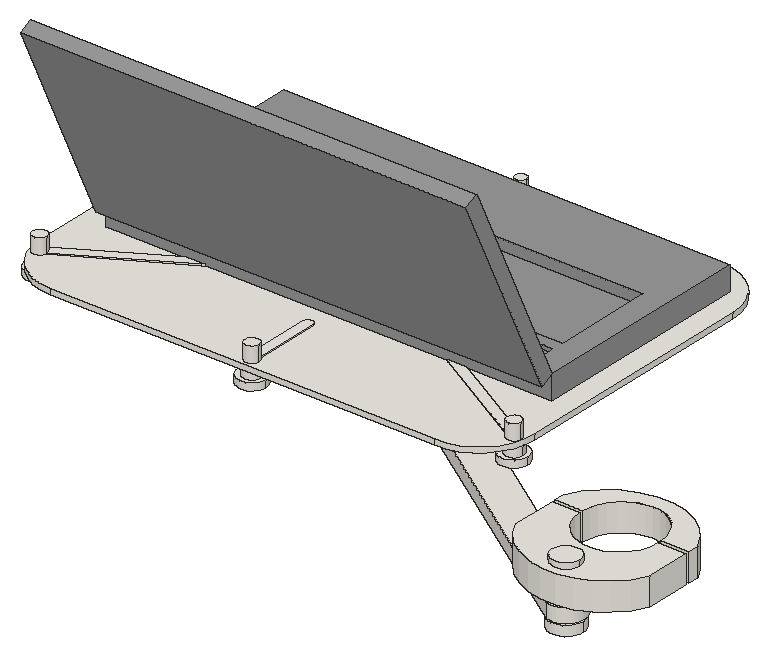
Revit family "Midmark - Laptop and Tray for Mobile X-Ray", category Specialty Equipment, Revit 2017
Family settings
  Round Connector Dimension = Use Diameter
  Part Type = Normal
  Work Plane-Based = No
  Always vertical = Yes
  Cut with Voids When Loaded = No
  Shared = No
  Room Calculation Point = No
Parameters (values of type "Laptop and Tray")
  Type Comments = "Laptop with Tray for Mobile X-Ray"
  Tray Width = 1' - 5 3/4"
  Tray Legth = 1' - 0 7/8"
  Tray Height = 0' - 0.19"
  Model = "ASAM-GT & 30-08180"
  Tray Material = Midmark - White
  Manufacturer = "Midmark"
  Laptop [instance] = yes
  Keynote = ""
  Height = 2' - 7"
  Frame Material = Midmark - White
  Extended Arm = yes
  Description = ""
  Allowance = ""
Reference planes (in)
  plane 1 "Center (Front/Back)": y = 0
  plane 2: z = 0
  plane 3 "Center (Left/Right)": x = 0
  plane 4: z = 2
  plane 5: z = 5
  plane 6: z = 30.81
  plane 7: z = 31
  plane 8: x = -8.875
  plane 9: y = 6.4375
  plane 10: x = 8.875
  plane 11: y = -6.4375
Forms (in)
  Extrusion 1, solid, material "Midmark - White" <- "Tray Material"
    sketch origin (0, 0, 0) x (1, 0, 0) y (0, 1, 0)
      loop
        arc (-6.875, 6.4375) -> (-8.28921, 5.85171) -> (-8.875, 4.4375) r 2
        line (-8.875, 4.4375) -> (-8.875, -4.4375)
        arc (-8.875, -4.4375) -> (-8.28921, -5.85171) -> (-6.875, -6.4375) r 2
        line (-6.875, -6.4375) -> (6.875, -6.4375)
        arc (6.875, -6.4375) -> (8.28921, -5.85171) -> (8.875, -4.4375) r 2
        line (8.875, -4.4375) -> (8.875, 4.4375)
        arc (8.875, 4.4375) -> (8.28921, 5.85171) -> (6.875, 6.4375) r 2
        line (6.875, 6.4375) -> (-6.875, 6.4375)
      loop
        arc (-8.375, -4.4375) -> (-7.93566, -5.49816) -> (-6.875, -5.9375) r 1.5
        line (-6.875, -5.9375) -> (6.875, -5.9375)
        arc (6.875, -5.9375) -> (7.93566, -5.49816) -> (8.375, -4.4375) r 1.5
        line (8.375, -4.4375) -> (8.375, 4.4375)
        arc (8.375, 4.4375) -> (7.93566, 5.49816) -> (6.875, 5.9375) r 1.5
        line (6.875, 5.9375) -> (-6.875, 5.9375)
        arc (-6.875, 5.9375) -> (-7.93566, 5.49816) -> (-8.375, 4.4375) r 1.5
        line (-8.375, 4.4375) -> (-8.375, -4.4375)
    from 30.81 to 31
  Extrusion 2, solid, material "Midmark - White" <- "Tray Material"
    sketch origin (0, 0, 0) x (1, 0, 0) y (0, 1, 0)
      loop
        arc (-6.875, 5.9375) -> (-7.93566, 5.49816) -> (-8.375, 4.4375) r 1.5
        line (-8.375, 4.4375) -> (-8.375, -4.4375)
        arc (-8.375, -4.4375) -> (-7.93566, -5.49816) -> (-6.875, -5.9375) r 1.5
        line (-6.875, -5.9375) -> (6.875, -5.9375)
        arc (6.875, -5.9375) -> (7.93566, -5.49816) -> (8.375, -4.4375) r 1.5
        line (8.375, -4.4375) -> (8.375, 4.4375)
        arc (8.375, 4.4375) -> (7.93566, 5.49816) -> (6.875, 5.9375) r 1.5
        line (6.875, 5.9375) -> (-6.875, 5.9375)
    from 30.81 to 31
  Extrusion 3, solid, material "Midmark - White" <- "Tray Material"
    sketch origin (0, 0, 0) x (1, 0, 0) y (0, 1, 0)
      loop
        circle (8.50168, -4.9083) r 0.25
      loop
        circle (0.001, 6.03055) r 0.19844
      loop
        circle (0.0026, -6.0293) r 0.25
      loop
        circle (-8.50392, -4.9095) r 0.25
    from 31 to 31.531
  Extrusion 4, solid, material "Midmark - White" <- "Tray Material"
    sketch origin (0, 0, 0) x (1, 0, 0) y (0, 1, 0)
      loop
        circle (0.00233, -6.02929) r 0.5
      loop
        circle (-8.50159, -4.91327) r 0.5
      loop
        circle (0.00808, 6.03385) r 0.5
      loop
        circle (8.49207, -4.90318) r 0.5
    from 30.25 to 30.5
  Extrusion 5, solid, material "Midmark - White" <- "Tray Material"
    sketch origin (0, 0, 0) x (1, 0, 0) y (0, 1, 0)
      loop
        circle (0.00138, -6.0308) r 0.31378
      loop
        circle (-8.50323, -4.90523) r 0.31378
      loop
        circle (-0.00294, 6.03525) r 0.31378
      loop
        circle (8.50879, -4.91049) r 0.31378
    from 30.5 to 30.81
  Extrusion 6, solid, material "Midmark - White" <- "Tray Material"
    sketch origin (0, 0, 0) x (1, 0, 0) y (0, 1, 0)
      loop
        line (-8.26048, -4.96766) -> (-4.41406, -2.74692)
        arc (-4.41406, -2.74692) -> (-4.35115, -2.51214) -> (-4.58594, -2.44923) r 0.17187
        line (-4.58594, -2.44923) -> (-8.43236, -4.66996)
        arc (-8.43236, -4.66996) -> (-8.28563, -4.78371) -> (-8.26048, -4.96766) r 0.24551
    from 31 to 31.04459
  Extrusion 7, solid, material "Midmark - White" <- "Tray Material"
    sketch origin (0, 0, 0) x (-1, 0, 0) y (0, -1, 0)
      loop
        arc (-8.26048, 4.96766) -> (-8.28563, 4.78371) -> (-8.43236, 4.66996) r 0.24551
        line (-8.43236, 4.66996) -> (-4.58594, 2.44923)
        arc (-4.58594, 2.44923) -> (-4.35115, 2.51214) -> (-4.41406, 2.74692) r 0.17187
        line (-4.41406, 2.74692) -> (-8.26048, 4.96766)
    from 31 to 31.04459
  Extrusion 8, solid, material "Midmark - White" <- "Tray Material"
    sketch origin (0, 0, 0) x (1, 0, 0) y (0, 1, 0)
      loop
        line (0.17188, -5.85025) -> (0.17188, -3.53125)
        arc (0.17188, -3.53125) -> (0, -3.35938) -> (-0.17187, -3.53125) r 0.17188
        line (-0.17187, -3.53125) -> (-0.17187, -5.85025)
        arc (-0.17187, -5.85025) -> (0, -5.77801) -> (0.17188, -5.85025) r 0.24059
    from 31 to 31.04297
  Extrusion 9, solid, material "Midmark - White" <- "Tray Material"
    sketch origin (0, 0, 0) x (1, 0, 0) y (0, 1, 0)
      loop
        arc (0.17188, 5.85025) -> (0, 5.77801) -> (-0.17187, 5.85025) r 0.24059
        line (-0.17187, 5.85025) -> (-0.17187, 3.53125)
        arc (-0.17187, 3.53125) -> (0, 3.35938) -> (0.17188, 3.53125) r 0.17188
        line (0.17188, 3.53125) -> (0.17188, 5.85025)
    from 31 to 31.04297
  Extrusion 10, void
    sketch origin (0, 0, 0) x (1, 0, 0) y (0, 1, 0)
      loop
        circle (0, 0.5933) r 0.2015
      loop
        circle (0, -0.59432) r 0.2015
      loop
        circle (-0.59453, 0.00004) r 0.2015
      loop
        circle (0.59623, 0.00319) r 0.2015
    from 30.95979 to 31
  Extrusion 11, solid, material "Midmark - White" <- "Frame Material"
    sketch origin (0, 0, 0) x (1, 0, 0) y (0, 1, 0)
      loop
        line (-0.3048, 0.75586) -> (-0.75697, 0.30369)
        arc (-0.75697, 0.30369) -> (-0.57654, -0.57654) -> (0.30369, -0.75697) r 0.81579
        line (0.30369, -0.75697) -> (0.75586, -0.3048)
        arc (0.75586, -0.3048) -> (0.57595, 0.57595) -> (-0.3048, 0.75586) r 0.81531
    from 30.228 to 30.81
  Extrusion 12, solid, material "Midmark - White" <- "Frame Material"
    sketch origin (0, 0, 0) x (1, 0, 0) y (0, 1, 0)
      loop
        circle (0.00289, -0.0007) r 0.61308
    from 29.3138 to 29.5459
  Extrusion 13, solid, material "Midmark - White" <- "Frame Material"
    sketch origin (-0.00121, 0.00378, 0) x (1, 0, 0) y (0, 1, 0)
      loop
        circle (0.00289, -0.0007) r 0.5
    from 30.0059 to 30.228
  Extrusion 14, solid, material "Midmark - White" <- "Frame Material"
    sketch origin (0, 0, 0) x (1, 0, 0) y (0, 1, 0)
      loop
        line (14.81255, -9.42201) -> (0.21532, 0.61039)
        arc (0.21532, 0.61039) -> (-0.51589, 0.35456) -> (-0.49268, -0.41977) r 0.65557
        line (-0.49268, -0.41977) -> (14.10455, -10.45217)
        arc (14.10455, -10.45217) -> (14.83444, -10.19543) -> (14.81255, -9.42201) r 0.65627
    from 29.5459 to 30.0459
  Extrusion 15, solid, material "Midmark - White" <- "Frame Material"
    sketch origin (0, 0, 0) x (1, 0, 0) y (0, 1, 0)
      loop
        line (-0.10825, 0.1875) -> (-0.21651, 0) -> (-0.10825, -0.1875) -> (0.10825, -0.1875) -> (0.21651, 0) -> (0.10825, 0.1875) -> (-0.10825, 0.1875)
    from 29.0738 to 29.2638
  Extrusion 16, solid, material "Midmark - White" <- "Frame Material"
    sketch origin (0, 0, 0) x (1, 0, 0) y (0, 1, 0)
      loop
        circle (0.00187, -0.00528) r 0.26117
    from 29.2638 to 29.3138
  Extrusion 17, solid, material "Midmark - White" <- "Frame Material"
    sketch origin (14.31985, -9.84172, 0) x (1, 0, 0) y (0, 1, 0)
      loop
        circle (0.00289, -0.0007) r 0.61308
    from 29.1298 to 29.4739
  Extrusion 18, solid, material "Midmark - White" <- "Frame Material"
    sketch origin (14.31985, -9.84172, 0) x (1, 0, 0) y (0, 1, 0)
      loop
        line (-0.10825, 0.1875) -> (-0.21651, 0) -> (-0.10825, -0.1875) -> (0.10825, -0.1875) -> (0.21651, 0) -> (0.10825, 0.1875) -> (-0.10825, 0.1875)
    from 28.8898 to 29.0798
  Extrusion 19, solid, material "Midmark - White" <- "Frame Material"
    sketch origin (14.31512, -9.83806, 0) x (1, 0, 0) y (0, 1, 0)
      loop
        circle (0.00187, -0.00528) r 0.26117
    from 29.0798 to 29.1298
  Extrusion 20, solid, material "Midmark - White" <- "Frame Material"
    sketch origin (14.31918, -9.83551, 0) x (1, 0, 0) y (0, 1, 0)
      loop
        circle (0.00187, -0.00528) r 0.26117
    from 29.4739 to 29.5459
  Extrusion 21, solid, material "Midmark - White" <- "Frame Material"
    sketch origin (14.31868, -9.85098, 0) x (1, 0, 0) y (0, 1, 0)
      loop
        circle (0.00289, -0.0007) r 0.5
    from 30.0459 to 30.228
  Extrusion 22, solid, material "Midmark - White" <- "Frame Material"
    sketch origin (0, 0, 0) x (1, 0, 0) y (0, 1, 0)
      loop
        line (16.71763, -7.46581) -> (15.71579, -7.46581)
        arc (15.71579, -7.46581) -> (14.31919, -8.86241) -> (12.92259, -7.46581) r 1.3966
        line (12.92259, -7.46581) -> (11.92076, -7.46581) -> (11.92076, -9.09514)
        arc (11.92076, -9.09514) -> (14.31919, -10.6503) -> (16.71763, -9.09514) r 2.62707
        line (16.71763, -9.09514) -> (16.71763, -7.46581)
      loop
        line (16.71763, -7.34081) -> (16.71763, -6.96148)
        arc (16.71763, -6.96148) -> (14.31919, -5.40544) -> (11.92076, -6.96148) r 2.62646
        line (11.92076, -6.96148) -> (11.92076, -7.34081) -> (12.9282, -7.34081)
        arc (12.9282, -7.34081) -> (14.31919, -5.94981) -> (15.71019, -7.34081) r 1.391
        line (15.71019, -7.34081) -> (16.71763, -7.34081)
    from 30.228 to 31.228
  Extrusion 23, solid, material "Midmark - White" <- "Frame Material"
    sketch origin (0, 0, 0) x (1, 0, 0) y (0, 1, 0)
      loop
        circle (14.31199, -9.83751) r 0.5
    from 31.228 to 31.41068
Cuts and joins
  joined: Extrusion 1, Extrusion 2
Dimensions and locks (in)
  plane 5 to plane 4 to level = 0' - 3", 0' - 2"
  "Tray Height": plane 7 to plane 6
  "Height": plane 7 to level
  equal spacing: plane 8, plane 3 "Center (Left/Right)", plane 10
  equal spacing: plane 11, plane 1 "Center (Front/Back)", plane 9
  "Tray Width": plane 8 to plane 10
  "Tray Legth": plane 9 to plane 11
  Extrusion 6 to cut or joined group of Extrusion 1, Extrusion 2 = 0' - 0.04459"
  aligned and locked: plane 2 to level
  aligned and locked: Extrusion 1 sketch curve to plane 9
  aligned and locked: plane 8 to Extrusion 1 sketch curve
  aligned and locked: Extrusion 1 sketch curve to plane 11
  aligned and locked: Extrusion 1 sketch curve to plane 10
  aligned and locked: plane 6 to Extrusion 1
  aligned and locked: Extrusion 1 to plane 7
  aligned and locked: plane 6 to Extrusion 2
Automatic sketch dimensions
  Extrusion 1 sketch curve to Extrusion 1 sketch curve = 0' - 0"  (x8)
  Extrusion 1 sketch curve to Extrusion 1 sketch curve = 0' - 0 1/2"
  Extrusion 1 sketch curve to Extrusion 1 sketch curve = 0' - 1 1/2"  (x3)
  Extrusion 1 sketch curve to plane 10 = 0' - 2"
  plane 8 to Extrusion 2 sketch curve = 0' - 0 1/2"
  Extrusion 2 sketch curve to Extrusion 2 sketch curve = 0' - 1 1/2"  (x2)
  Extrusion 2 sketch curve to plane 11 = 0' - 0 1/2"
  Extrusion 2 sketch curve to plane 10 = 0' - 2"  (x2)
  Extrusion 2 sketch curve to plane 9 = 0' - 0 1/2"
  Extrusion 2 sketch curve to plane 10 = 0' - 0 1/2"
  plane 8 to Extrusion 3 sketch curve = 0' - 0 95/256"
  plane 3 "Center (Left/Right)" to Extrusion 3 sketch curve = 0' - 0.001"
  plane 3 "Center (Left/Right)" to Extrusion 3 sketch curve = 0' - 0.0026"
  Extrusion 3 sketch curve to plane 10 = 0' - 0.37332"
  Extrusion 3 sketch curve to plane 11 = 0' - 0.4082"
  Extrusion 3 sketch curve to plane 11 = 0' - 1.528"
  Extrusion 3 sketch curve to plane 11 = 0' - 1.5292"
  Extrusion 3 sketch curve to plane 9 = 0' - 0.40695"
  plane 8 to Extrusion 4 sketch curve = 0' - 0.37341"
  plane 3 "Center (Left/Right)" to Extrusion 4 sketch curve = 0' - 0.00233"
  plane 3 "Center (Left/Right)" to Extrusion 4 sketch curve = 0' - 0.00808"
  Extrusion 4 sketch curve to plane 10 = 0' - 0.38293"
  Extrusion 4 sketch curve to plane 11 = 0' - 0.40821"
  Extrusion 4 sketch curve to plane 11 = 0' - 1.52423"
  Extrusion 4 sketch curve to plane 11 = 0' - 1.53432"
  Extrusion 4 sketch curve to plane 9 = 0' - 0.40365"
  plane 8 to Extrusion 5 sketch curve = 0' - 0.37177"
  Extrusion 5 sketch curve to plane 3 "Center (Left/Right)" = 0' - 0.00294"
  plane 3 "Center (Left/Right)" to Extrusion 5 sketch curve = 0' - 0.00138"
  Extrusion 5 sketch curve to plane 10 = 0' - 0.36621"
  Extrusion 5 sketch curve to plane 11 = 0' - 0.4067"
  Extrusion 5 sketch curve to plane 11 = 0' - 1.52701"
  Extrusion 5 sketch curve to plane 11 = 0' - 1.53227"
  Extrusion 5 sketch curve to plane 9 = 0' - 0.40225"
  plane 8 to Extrusion 6 sketch curve = 0' - 0.37675"
  Extrusion 6 sketch curve to Extrusion 6 sketch curve = 0' - 0.06589"
  Extrusion 6 sketch curve to Extrusion 6 sketch curve = 0' - 0.23776"
  plane 8 to Extrusion 6 sketch curve = 0' - 4 37/128"
  Extrusion 6 sketch curve to Extrusion 6 sketch curve = 0' - 0 11/128"  (x2)
  plane 1 "Center (Front/Back)" to Extrusion 6 sketch curve = 0' - 2.74692"
  Extrusion 6 sketch curve to plane 11 = 0' - 1.76754"
  Extrusion 6 sketch curve to Extrusion 6 sketch curve = 0' - 0.2365"
  Extrusion 6 sketch curve to Extrusion 6 sketch curve = 0' - 0.14885"
  plane 10 to Extrusion 7 sketch curve = 0' - 0.37675"
  Extrusion 7 sketch curve to Extrusion 7 sketch curve = 0' - 0.06589"
  Extrusion 7 sketch curve to Extrusion 7 sketch curve = 0' - 0.23776"
  plane 10 to Extrusion 7 sketch curve = 0' - 4 37/128"
  Extrusion 7 sketch curve to Extrusion 7 sketch curve = 0' - 0 11/128"  (x2)
  Extrusion 7 sketch curve to plane 1 "Center (Front/Back)" = 0' - 2.74692"
  plane 11 to Extrusion 7 sketch curve = 0' - 1.76754"
  Extrusion 7 sketch curve to Extrusion 7 sketch curve = 0' - 0.2365"
  Extrusion 7 sketch curve to Extrusion 7 sketch curve = 0' - 0.14885"
  Extrusion 8 sketch curve to plane 3 "Center (Left/Right)" = 0' - 0"  (x2)
  Extrusion 8 sketch curve to plane 3 "Center (Left/Right)" = 0' - 0 11/64"
  Extrusion 8 sketch curve to plane 11 = 0' - 0.4189"
  Extrusion 8 sketch curve to Extrusion 8 sketch curve = 0' - 0.16835"
  Extrusion 8 sketch curve to Extrusion 8 sketch curve = 0' - 2.319"
  Extrusion 9 sketch curve to plane 3 "Center (Left/Right)" = 0' - 0"  (x2)
  plane 3 "Center (Left/Right)" to Extrusion 9 sketch curve = 0' - 0 11/64"
  plane 9 to Extrusion 9 sketch curve = 0' - 0.4189"
  Extrusion 9 sketch curve to Extrusion 9 sketch curve = 0' - 0.16835"
  Extrusion 9 sketch curve to Extrusion 9 sketch curve = 0' - 2.319"
  Extrusion 10 sketch curve to plane 3 "Center (Left/Right)" = 0' - 0"  (x2)
  Extrusion 10 sketch curve to plane 1 "Center (Front/Back)" = 0' - 0.00004"
  Extrusion 10 sketch curve to plane 3 "Center (Left/Right)" = 0' - 0.59453"
  Extrusion 10 sketch curve to plane 1 "Center (Front/Back)" = 0' - 0.00319"
  plane 3 "Center (Left/Right)" to Extrusion 10 sketch curve = 0' - 0.59623"
  plane 1 "Center (Front/Back)" to Extrusion 10 sketch curve = 0' - 0.59432"
  Extrusion 10 sketch curve to plane 1 "Center (Front/Back)" = 0' - 0.5933"
  Extrusion 11 sketch curve to plane 3 "Center (Left/Right)" = 0' - 0.00056"
  plane 3 "Center (Left/Right)" to Extrusion 11 sketch curve = 0' - 0.0003"
  plane 3 "Center (Left/Right)" to Extrusion 11 sketch curve = 0' - 0.30369"
  plane 1 "Center (Front/Back)" to Extrusion 11 sketch curve = 0' - 0.3048"
  Extrusion 11 sketch curve to Extrusion 11 sketch curve = 0' - 0.45217"  (x2)
  plane 1 "Center (Front/Back)" to Extrusion 11 sketch curve = 0' - 0.00056"
  Extrusion 11 sketch curve to plane 1 "Center (Front/Back)" = 0' - 0.0003"
  Extrusion 11 sketch curve to plane 3 "Center (Left/Right)" = 0' - 0.3048"
  Extrusion 11 sketch curve to plane 1 "Center (Front/Back)" = 0' - 0.30369"
  plane 1 "Center (Front/Back)" to Extrusion 12 sketch curve = 0' - 0.0007"
  plane 3 "Center (Left/Right)" to Extrusion 12 sketch curve = 0' - 0.00289"
  plane 3 "Center (Left/Right)" to Extrusion 13 sketch curve = 0' - 0.00168"
  Extrusion 13 sketch curve to plane 1 "Center (Front/Back)" = 0' - 0.00309"
  Extrusion 14 sketch curve to plane 3 "Center (Left/Right)" = 0' - 0.49268"
  plane 3 "Center (Left/Right)" to Extrusion 14 sketch curve = 0' - 0.02439"
  plane 3 "Center (Left/Right)" to Extrusion 14 sketch curve = 0' - 0.21532"
  plane 10 to Extrusion 14 sketch curve = 0' - 5.41859"
  plane 11 to Extrusion 14 sketch curve = 0' - 3.38621"
  plane 1 "Center (Front/Back)" to Extrusion 14 sketch curve = 0' - 0.41977"
  plane 1 "Center (Front/Back)" to Extrusion 14 sketch curve = 0' - 0.01676"
  Extrusion 14 sketch curve to Extrusion 14 sketch curve = 0' - 0.18904"
  Extrusion 14 sketch curve to Extrusion 14 sketch curve = 0' - 0.51897"
  Extrusion 14 sketch curve to Extrusion 14 sketch curve = 0' - 0.62845"
  plane 1 "Center (Front/Back)" to Extrusion 15 sketch curve = 0' - 0"  (x2)
  Extrusion 15 sketch curve to plane 3 "Center (Left/Right)" = 0' - 0.21651"
  Extrusion 15 sketch curve to plane 3 "Center (Left/Right)" = 0' - 0.10825"  (x2)
  plane 3 "Center (Left/Right)" to Extrusion 15 sketch curve = 0' - 0.10825"  (x2)
  Extrusion 15 sketch curve to Extrusion 15 sketch curve = 0' - 0.10825"
  plane 1 "Center (Front/Back)" to Extrusion 15 sketch curve = 0' - 0 3/16"
  Extrusion 15 sketch curve to plane 1 "Center (Front/Back)" = 0' - 0 3/16"
  plane 3 "Center (Left/Right)" to Extrusion 16 sketch curve = 0' - 0.00187"
  plane 1 "Center (Front/Back)" to Extrusion 16 sketch curve = 0' - 0.00528"
  plane 10 to Extrusion 17 sketch curve = 0' - 5.44774"
  plane 11 to Extrusion 17 sketch curve = 0' - 3.40492"
  plane 10 to Extrusion 18 sketch curve = 0' - 5.22835"
  Extrusion 18 sketch curve to Extrusion 18 sketch curve = 0' - 0.10825"  (x3)
  Extrusion 18 sketch curve to Extrusion 18 sketch curve = 0' - 0.21651"  (x2)
  plane 11 to Extrusion 18 sketch curve = 0' - 3.59172"
  Extrusion 18 sketch curve to Extrusion 18 sketch curve = 0' - 0 3/16"  (x3)
  plane 10 to Extrusion 19 sketch curve = 0' - 5.44199"
  plane 11 to Extrusion 19 sketch curve = 0' - 3.40584"
  plane 10 to Extrusion 20 sketch curve = 0' - 5.44605"
  plane 11 to Extrusion 20 sketch curve = 0' - 3.40329"
  plane 10 to Extrusion 21 sketch curve = 0' - 5.44656"
  plane 11 to Extrusion 21 sketch curve = 0' - 3.41418"
  plane 11 to Extrusion 22 sketch curve = 0' - 0.90331"
  plane 10 to Extrusion 22 sketch curve = 0' - 3.04576"
  Extrusion 22 sketch curve to Extrusion 22 sketch curve = 0' - 0"  (x5)
  Extrusion 22 sketch curve to Extrusion 22 sketch curve = 0' - 1.00184"  (x2)
  Extrusion 22 sketch curve to Extrusion 22 sketch curve = 0' - 0.00561"
  Extrusion 22 sketch curve to Extrusion 22 sketch curve = 0' - 1.391"
  Extrusion 22 sketch curve to Extrusion 22 sketch curve = 0' - 0 1/8"
  Extrusion 22 sketch curve to Extrusion 22 sketch curve = 0' - 0.55742"
  Extrusion 22 sketch curve to Extrusion 22 sketch curve = 0' - 0.00867"
  Extrusion 22 sketch curve to Extrusion 22 sketch curve = 0' - 1.62933"
  Extrusion 22 sketch curve to Extrusion 22 sketch curve = 0' - 0.37933"
  plane 10 to Extrusion 23 sketch curve = 0' - 5.43699"
  plane 11 to Extrusion 23 sketch curve = 0' - 3.40001"
  radius of Extrusion 3 sketch curve = 0' - 0 1/4"  (x3)
  radius of Extrusion 3 sketch curve = 0' - 0.19844"
  radius of Extrusion 4 sketch curve = 0' - 0 1/2"  (x4)
  radius of Extrusion 5 sketch curve = 0' - 0.31378"  (x4)
  radius of Extrusion 10 sketch curve = 0' - 0.2015"  (x4)
  radius of Extrusion 12 sketch curve = 0' - 0.61308"
  radius of Extrusion 13 sketch curve = 0' - 0 1/2"
  radius of Extrusion 16 sketch curve = 0' - 0.26117"
  radius of Extrusion 17 sketch curve = 0' - 0.61308"
  radius of Extrusion 19 sketch curve = 0' - 0.26117"
  radius of Extrusion 20 sketch curve = 0' - 0.26117"
  radius of Extrusion 21 sketch curve = 0' - 0 1/2"
  radius of Extrusion 23 sketch curve = 0' - 0 1/2"
Nested families (in)
  nested 1: "Midmark - Laptop for Digital Dental X-Ray" at (-6.67187, -2.6875, -5), visible <- "Laptop", type "Standard"
    with Desk Height 3' - 0"
Definition of nested family "Midmark - Laptop for Digital Dental X-Ray"
  Parameters (values of type "Standard")
    Type Comments = "Laptop"
    Model = "30-08180"
    Manufacturer Phone = ""
    Manufacturer Address = ""
    Manufacturer = "Midmark"
    Desk Height [instance] = 3' - 0"
    Description = ""
    Computer Keyboard Material = none
    Allowance = ""
  Reference planes (in)
    plane 1 "Center (Front/Back)": y = 0
    plane 2: z = 0
    plane 3 "Center (Left/Right)": x = 0
    plane 4 "right": x = 14.75175
    plane 5: x = -1.24115
    plane 6: y = 8
    plane 7 "desk": z = 36
  Forms (in)
    Extrusion 1, solid, material <- "Computer Keyboard Material"
      sketch origin (0, 1.18875, -36) x (0, 1, 0) y (0, 0, 1)
        loop
          line (6.81125, 72.86494) -> (-1.18875, 72.86494) -> (-1.18875, 72) -> (6.81125, 72) -> (6.81125, 72.86494)
      from -1.24115 to 14.75175
    Extrusion 2, void
      sketch origin (0, 0, 36) x (-1, 0, 0) y (0, -1, 0)
        loop
          line (-4.63365, -5.17744) -> (-4.63365, -1.5595) -> (-13.88365, -1.5595) -> (-13.88365, -5.17744) -> (-4.63365, -5.17744)
      from 0.48252 to 1.38985
    Extrusion 3, void
      sketch origin (0, 0, 36) x (-1, 0, 0) y (0, -1, 0)
        loop
          line (-2.44615, -1.18875) -> (-2.44615, -0.52654) -> (-13.88365, -0.52654) -> (-13.88365, -1.18875) -> (-2.44615, -1.18875)
      from 0.71155 to 1.38985
    Extrusion 4, void
      sketch origin (0, 0, 36) x (-1, 0, 0) y (0, -1, 0)
        loop
          line (-2.44615, -5.17744) -> (-2.44615, -1.5595) -> (-4.19615, -1.5595) -> (-4.19615, -5.17744) -> (-2.44615, -5.17744)
      from 0.48252 to 1.38985
    Extrusion 5, void
      sketch origin (0, 0, 36) x (-1, 0, 0) y (0, -1, 0)
        loop
          line (0.36635, -5.17744) -> (0.36635, -1.5595) -> (-2.00865, -1.5595) -> (-2.00865, -5.17744) -> (0.36635, -5.17744)
      from 0.48252 to 1.38985
    Extrusion 6, solid
      sketch origin (0, 0, 0) x (0, 1, 0) y (0, 0, 1)
        loop
          line (0, 36.86494) -> (-3.38095, 44.1154) -> (-3.8341, 43.90409) -> (-0.45315, 36.65363) -> (0, 36.86494)
      from -1.24115 to 14.75175
  Cuts and joins
    Extrusion 2, Extrusion 3, Extrusion 4, Extrusion 5 cuts Extrusion 1
  Dimensions and locks (in)
    "Desk Height": plane 7 "desk" to level
    plane 5 to plane 4 "right" = 1' - 3.9929"
    plane 6 to plane 1 "Center (Front/Back)" = 0' - 8"
    plane 1 "Center (Front/Back)" to cut or joined group of Extrusion 1, Extrusion 2, Extrusion 3, Extrusion 4, Extrusion 5 = 0' - 8"
    aligned and locked: cut or joined group of Extrusion 1, Extrusion 2, Extrusion 3, Extrusion 4, Extrusion 5 to Extrusion 6
    aligned and locked: Extrusion 6 to cut or joined group of Extrusion 1, Extrusion 2, Extrusion 3, Extrusion 4, Extrusion 5
    aligned and locked: plane 6 to Extrusion 1
  Automatic sketch dimensions
    Extrusion 6 sketch curve to plane 1 "Center (Front/Back)" = 0' - 0"
    plane 1 "Center (Front/Back)" to Extrusion 6 sketch curve = 0' - 0.45315"
    plane 1 "Center (Front/Back)" to Extrusion 6 sketch curve = 0' - 3.38095"
    level to Extrusion 6 sketch curve = 3' - 0.65363"
    Extrusion 6 sketch curve to Extrusion 6 sketch curve = 0' - 0.21131"
    Extrusion 1 sketch curve to plane 1 "Center (Front/Back)" = 0' - 0"
    Extrusion 1 sketch curve to plane 6 = 0' - 0"
    Extrusion 1 sketch curve to plane 7 "desk" = 0' - 0"
    plane 7 "desk" to Extrusion 1 sketch curve = 0' - 0.86494"
    plane 4 "right" to Extrusion 2 sketch curve = 0' - 0.8681"
    plane 3 "Center (Left/Right)" to Extrusion 2 sketch curve = 0' - 4.63365"
    Extrusion 2 sketch curve to plane 6 = 0' - 2.82256"
    Extrusion 2 sketch curve to plane 1 "Center (Front/Back)" = 0' - 1.5595"
    plane 3 "Center (Left/Right)" to Extrusion 4 sketch curve = 0' - 4.19615"
    Extrusion 4 sketch curve to Extrusion 4 sketch curve = 0' - 1 3/4"
    Extrusion 4 sketch curve to plane 6 = 0' - 2.82256"
    Extrusion 4 sketch curve to plane 1 "Center (Front/Back)" = 0' - 1.5595"
    plane 4 "right" to Extrusion 3 sketch curve = 0' - 0.8681"
    Extrusion 3 sketch curve to plane 1 "Center (Front/Back)" = 0' - 1.18875"
    plane 3 "Center (Left/Right)" to Extrusion 3 sketch curve = 0' - 2.44615"
    Extrusion 3 sketch curve to plane 1 "Center (Front/Back)" = 0' - 0.52654"
    plane 3 "Center (Left/Right)" to Extrusion 5 sketch curve = 0' - 2.00865"
    Extrusion 5 sketch curve to plane 3 "Center (Left/Right)" = 0' - 0.36635"
    Extrusion 5 sketch curve to plane 6 = 0' - 2.82256"
    Extrusion 5 sketch curve to plane 1 "Center (Front/Back)" = 0' - 1.5595"
